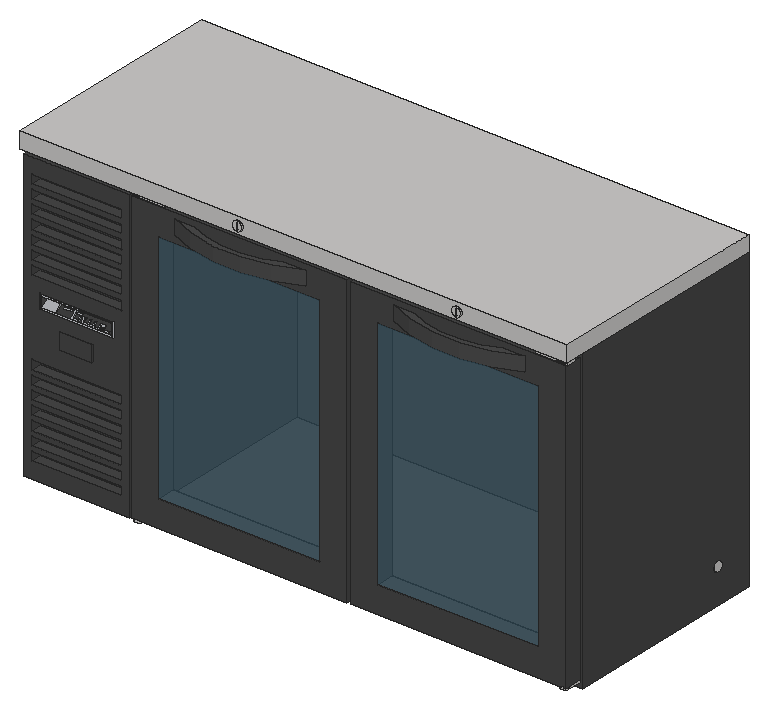
Revit family "QF_TRUE_TBR60-RISZ1-L-B-GG-1", category Specialty Equipment, Revit 2016 (continued)
Definition of nested family "CASTORS & LEGS"
  Definition of nested family "HATCO_4 INCHES_CASTER"
    Forms (in)
      Extrusion 2, solid, visible <- "Show 4 Inches Caster"
        sketch origin (-1.93794, 1.80294, -1.7541) x (0, 1, 0) y (0, 0, 1)
          loop
            line (-0.64294, 5.13542) -> (-0.64294, 5.33423) -> (-3.08794, 5.33423)
        from 1.1267 to 2.74918
      Revolve 3, solid, visible <- "Show 4 Inches Caster"
        sketch origin (0, 2.15543, -2.25) x (0, 1, 0) y (0, 0, 1)
          loop
            line (-2.21793, 6.25) -> (-2.21793, 5.83014) -> (-1.05793, 5.83014) -> (-1.05793, 6.25) -> (-2.21793, 6.25)
          axis (-2.21793, 5.83014) -> (-2.21793, 6.25)
        angle from 0 to 360
      Extrusion 4, solid, visible <- "Show 4 Inches Caster"
        sketch origin (-1.93794, 1.80294, -1.7541) x (0, 1, 0) y (0, 0, 1)
          loop
            line (-3.08794, 5.33423) -> (-3.08794, 5.00584) -> (-2.8913, 5.00584)
            arc (-2.8913, 5.00584) -> (-2.09118, 4.14057) -> (-1.45681, 3.14736) r 6.63355
            arc (-1.45681, 3.14736) -> (-0.85703, 2.75969) -> (-0.4561, 3.35069) r 0.5107
            arc (-0.4561, 3.35069) -> (-0.27092, 3.92503) -> (0.24034, 4.24562) r 0.88136
            line (0.24034, 4.24562) -> (0.34449, 4.39437)
            arc (0.34449, 4.39437) -> (0.12713, 4.6163) -> (-0.1239, 4.79931) r 1.8753
            line (-0.1239, 4.79931) -> (-0.05749, 4.91421)
            arc (-0.05749, 4.91421) -> (-0.33807, 5.05694) -> (-0.64294, 5.13542) r 1.44292
            line (-0.64294, 5.13542) -> (-0.64294, 5.33423) -> (-3.08794, 5.33423)
        from 2.74918 to 2.90825
      Extrusion 5, solid, visible <- "Show 4 Inches Caster"
        sketch origin (1.93794, 1.80294, -1.7541) x (0, 1, 0) y (0, 0, -1)
          loop
            line (-3.08794, -5.33423) -> (-0.64294, -5.33423) -> (-0.64294, -5.13542)
            arc (-0.64294, -5.13542) -> (-0.33807, -5.05694) -> (-0.05749, -4.91421) r 1.44292
            line (-0.05749, -4.91421) -> (-0.1239, -4.79931)
            arc (-0.1239, -4.79931) -> (0.12713, -4.6163) -> (0.34449, -4.39437) r 1.8753
            line (0.34449, -4.39437) -> (0.24034, -4.24562)
            arc (0.24034, -4.24562) -> (-0.27092, -3.92503) -> (-0.4561, -3.35069) r 0.88136
            arc (-0.4561, -3.35069) -> (-0.85703, -2.75969) -> (-1.45681, -3.14736) r 0.5107
            arc (-1.45681, -3.14736) -> (-2.09118, -4.14057) -> (-2.8913, -5.00584) r 6.63355
            line (-2.8913, -5.00584) -> (-3.08794, -5.00584) -> (-3.08794, -5.33423)
        from 2.74918 to 2.90825
    Cuts and joins
      joined: Extrusion 2, Extrusion 4, Extrusion 5
    Lines and regions (in)
      symbolic lines, visible <- "Show 4 Inches Caster"
        curve 1: line (0.28481, 2.83041, 0) -> (1.24556, 2.27572, 0)
        curve 2: line (-1.26206, 0.15114, 0) -> (-0.69281, 1.13711, 0)
        curve 3: line (-0.30132, -0.40355, 0) -> (-1.26206, 0.15114, 0)
        curve 4: line (1.24556, 2.27572, 0) -> (0.69868, 1.3285, 0)
        curve 5: line (-0.2461, 1.91084, 0) -> (0.28481, 2.83041, 0)
        curve 6: line (0.19868, 0.46248, 0) -> (-0.30132, -0.40355, 0)
    Dimensions and locks (in)
      plane 4 "TOP" to level = 4"  (x2)
      aligned and locked: level to plane 1
  Definition of nested family "5 INCHES 01_CASTER"
    Parameters (values of type "5 INCHES 01_CASTER")
      Weight = ""
      URL Manufacturer = ""
      URL Cutsheet = ""
      URL = ""
      Type Mark [instance] = ""
      Specification by User [instance] = ""
      Specification by Manufacturer = ""
      Show 5" Casters [instance] = yes
      Serial Number = ""
      Seismic Rating = ""
      SMACNA No = ""
      Revision Code [instance] = ""
      Omniclass Number and Title = ""
      NAFEM Spec ID Number = ""
      Model = ""
      MasterSpec. = ""
      Manufacturer = ""
      Key Locks [instance] = yes
      Item Number [instance] = ""
      Installed By [instance] = ""
      Identify Quantity as Lot [instance] = yes
      Furnished By [instance] = ""
      Foodservice Equipment Identifier [instance] = yes
      Description = ""
      CSI MasterFormat = ""
      CSI Master Format = ""
      Assembly Code = ""
    Reference planes (in)
      plane 1: z = 0
      plane 2 "RIGHT": x = 0
      plane 3 "FRONT": y = 0
      plane 4 "TOP": z = 5
    Forms (in)
      Revolve 1, solid, visible <- "Show 5" Casters"
        sketch origin (-1.93794, 0.99859, -1.0041) x (1, 0, 0) y (0, 0, 1)
          loop
            line (0.74055, 3.0041) -> (0.74055, 2.9286) -> (0.79055, 2.8786) -> (0.85055, 2.8786) -> (0.85055, 2.75852) -> (1.235, 2.75852) -> (1.235, 2.56618) -> (1.37557, 2.48502) -> (1.49133, 1.76972) -> (1.34375, 1.76972) -> (1.34375, 1.53535) -> (1.375, 1.53535) -> (1.375, 1.0041) -> (2.48438, 1.0041) -> (2.48438, 1.53535) -> (2.51563, 1.53535) -> (2.51563, 1.76972) -> (2.36805, 1.76972) -> (2.48438, 2.48853) -> (2.62438, 2.56936) -> (2.62438, 2.75852) -> (3.04007, 2.75852) -> (3.04007, 2.8786) -> (3.10007, 2.8786) -> (3.15007, 2.9286) -> (3.15007, 3.0041) -> (0.74055, 3.0041)
          axis (0.74055, 3.0041) -> (3.15007, 3.0041)
        angle from 0 to 360
      Extrusion 2, solid, visible <- "Show 5" Casters"
        sketch origin (-1.93794, 1.96337, -0.7541) x (0, 1, 0) y (0, 0, 1)
          loop
            line (-3.37739, 5.33423) -> (-3.37739, 4.92712) -> (-2.49294, 4.92712)
            arc (-2.49294, 4.92712) -> (-1.47209, 4.91752) -> (-0.46376, 4.75787) r 6.92153
            arc (-0.46376, 4.75787) -> (0.14199, 4.53396) -> (0.67481, 4.16904) r 2.62713
            line (0.67481, 4.16904) -> (0.7876, 4.33012)
            arc (0.7876, 4.33012) -> (0.48098, 4.5674) -> (0.13288, 4.73811) r 1.91675
            line (0.13288, 4.73811) -> (0.21197, 4.87494)
            arc (0.21197, 4.87494) -> (-0.1576, 5.02102) -> (-0.54934, 5.08775) r 1.91675
            line (-0.54934, 5.08775) -> (-0.54934, 5.33423) -> (-3.37739, 5.33423)
        from 1.17357 to 2.70231
      Revolve 3, solid, visible <- "Show 5" Casters"
        sketch origin (0, 2.15543, -1.25) x (0, 1, 0) y (0, 0, 1)
          loop
            line (-2.21793, 6.25) -> (-2.21793, 5.83014) -> (-1.05793, 5.83014) -> (-1.05793, 6.25) -> (-2.21793, 6.25)
          axis (-2.21793, 5.83014) -> (-2.21793, 6.25)
        angle from 0 to 360
      Extrusion 4, solid, visible <- "Show 5" Casters"
        sketch origin (-1.98481, 1.96337, -0.7541) x (0, 1, 0) y (0, 0, 1)
          loop
            line (-3.37739, 5.33423) -> (-3.37739, 4.92712) -> (-3.13361, 4.92712)
            arc (-3.13361, 4.92712) -> (-2.12623, 3.92533) -> (-1.55834, 2.62307) r 3.79122
            arc (-1.55834, 2.62307) -> (-0.81477, 2.14247) -> (-0.31772, 2.87515) r 0.63314
            arc (-0.31772, 2.87515) -> (-0.02244, 3.67728) -> (0.68637, 4.15498) r 1.39003
            line (0.68637, 4.15498) -> (0.7876, 4.33012)
            arc (0.7876, 4.33012) -> (0.48098, 4.5674) -> (0.13288, 4.73811) r 1.91675
            line (0.13288, 4.73811) -> (0.21197, 4.87494)
            arc (0.21197, 4.87494) -> (-0.1576, 5.02102) -> (-0.54934, 5.08775) r 1.91675
            line (-0.54934, 5.08775) -> (-0.54934, 5.33423) -> (-3.37739, 5.33423)
        from 2.74918 to 2.90825
      Extrusion 5, solid, visible <- "Show 5" Casters"
        sketch origin (1.98481, 1.96337, -0.7541) x (0, 1, 0) y (0, 0, -1)
          loop
            line (-3.37739, -5.33423) -> (-0.54934, -5.33423) -> (-0.54934, -5.08775)
            arc (-0.54934, -5.08775) -> (-0.1576, -5.02102) -> (0.21197, -4.87494) r 1.91675
            line (0.21197, -4.87494) -> (0.13288, -4.73811)
            arc (0.13288, -4.73811) -> (0.48098, -4.5674) -> (0.7876, -4.33012) r 1.91675
            line (0.7876, -4.33012) -> (0.68637, -4.15498)
            arc (0.68637, -4.15498) -> (-0.02244, -3.67728) -> (-0.31772, -2.87515) r 1.39003
            arc (-0.31772, -2.87515) -> (-0.81477, -2.14247) -> (-1.55834, -2.62307) r 0.63314
            arc (-1.55834, -2.62307) -> (-2.12623, -3.92533) -> (-3.13361, -4.92712) r 3.79122
            line (-3.13361, -4.92712) -> (-3.37739, -4.92712) -> (-3.37739, -5.33423)
        from 2.74918 to 2.90825
    Cuts and joins
      joined: Extrusion 2, Extrusion 4, Extrusion 5
    Lines and regions (in)
      symbolic lines, visible <- "Show 5" Casters"
        curve 1: line (0.54262, 2.21348, 0) -> (1.50337, 1.65879, 0)
        curve 2: line (-1.45738, -1.25062, 0) -> (-0.70738, 0.04842, 0)
        curve 3: line (-0.49663, -1.80531, 0) -> (-1.45738, -1.25062, 0)
        curve 4: line (1.50337, 1.65879, 0) -> (0.75337, 0.35975, 0)
        curve 5: line (-0.20738, 0.91444, 0) -> (0.54262, 2.21348, 0)
        curve 6: line (0.25337, -0.50627, 0) -> (-0.49663, -1.80531, 0)
    Dimensions and locks (in)
      plane 4 "TOP" to level = 5"  (x2)
      aligned and locked: level to plane 1
  Definition of nested family "7-8 INCHES_CASTER"
    Parameters (values of type "7-8 INCHES_CASTER")
      Weight = ""
      URL Manufacturer = ""
      URL Cutsheet = ""
      URL = ""
      Type Mark [instance] = ""
      Specification by User [instance] = ""
      Specification by Manufacturer = ""
      Serial Number = ""
      Seismic Rating = ""
      SMACNA No = ""
      Revision Code [instance] = ""
      Omniclass Number and Title = ""
      NAFEM Spec ID Number = ""
      Model = ""
      MasterSpec. = ""
      Manufacturer = ""
      Item Number [instance] = ""
      Installed By [instance] = ""
      Identify Quantity as Lot [instance] = yes
      Furnished By [instance] = ""
      Foodservice Equipment Identifier [instance] = yes
      Description = ""
      CSI MasterFormat = ""
      CSI Master Format = ""
      Assembly Code = ""
      2.5 Inches Caster [instance] = yes
    Reference planes (in)
      plane 1: z = 0
      plane 2 "RIGHT": x = 0
      plane 3 "FRONT": y = 0
      plane 4 "TOP": z = 2.125
      plane 5: z = 0.875
    Forms (in)
      Revolve 1, solid, visible <- "2.5 Inches Caster"
        sketch origin (-1.93794, 0.16358, -1.0041) x (1, 0, 0) y (0, 0, 1)
          loop
            line (2.21963, 1.0041) -> (2.21963, 1.07441) -> (2.16308, 1.07441) -> (2.17665, 1.15827) -> (2.27369, 1.21429) -> (2.27369, 1.29531) -> (1.60219, 1.29531) -> (1.60219, 1.21429) -> (1.69923, 1.15827) -> (1.7128, 1.07441) -> (1.65625, 1.07441) -> (1.65625, 1.0041) -> (2.21963, 1.0041)
          axis (2.27369, 1.29531) -> (1.60219, 1.29531)
        angle from 0 to 360
      Extrusion 2, solid, visible <- "2.5 Inches Caster"
        sketch origin (-1.93794, 1.43296, -4.66527) x (0, 1, 0) y (0, 0, 1)
          loop
            line (-1.16673, 5.3791) -> (-1.71584, 5.3791) -> (-1.71584, 5.33314) -> (-1.62354, 5.33314)
            arc (-1.62354, 5.33314) -> (-1.55924, 5.29737) -> (-1.50495, 5.24769) r 0.31579
            line (-1.50495, 5.24769) -> (-0.93687, 5.24769)
            arc (-0.93687, 5.24769) -> (-0.98865, 5.28224) -> (-1.04346, 5.31172) r 0.65588
            line (-1.04346, 5.31172) -> (-1.01965, 5.35291)
            arc (-1.01965, 5.35291) -> (-1.09203, 5.3725) -> (-1.16673, 5.3791) r 0.4262
        from 1.60219 to 2.27369
      Revolve 3, solid, visible <- "2.5 Inches Caster"
        sketch origin (0, 1.73858, -5) x (0, 1, 0) y (0, 0, 1)
          loop
            line (-1.73858, 5.71382) -> (-1.35578, 5.71382) -> (-1.35578, 5.875) -> (-1.73858, 5.875) -> (-1.73858, 5.71382)
          axis (-1.73858, 5.71382) -> (-1.73858, 5.875)
        angle from 0 to 360
      Extrusion 4, solid, visible <- "2.5 Inches Caster"
        sketch origin (0.33575, 1.43296, -4.66527) x (0, 1, 0) y (0, 0, 1)
          loop
            line (-1.71584, 5.3791) -> (-1.71584, 5.33314) -> (-1.62354, 5.33314)
            arc (-1.62354, 5.33314) -> (-1.48788, 5.22611) -> (-1.42886, 5.06369) r 0.31579
            arc (-1.42886, 5.06369) -> (-1.418, 4.99525) -> (-1.39559, 4.92968) r 0.40356
            arc (-1.39559, 4.92968) -> (-1.27344, 4.85253) -> (-1.15595, 4.93662) r 0.12941
            arc (-1.15595, 4.93662) -> (-1.1504, 4.95356) -> (-1.14628, 4.97091) r 0.21578
            arc (-1.14628, 4.97091) -> (-1.06824, 5.11243) -> (-0.92225, 5.18175) r 0.26341
            line (-0.92225, 5.18175) -> (-0.8974, 5.21614)
            arc (-0.8974, 5.21614) -> (-0.96724, 5.26881) -> (-1.04346, 5.31172) r 0.65588
            line (-1.04346, 5.31172) -> (-1.01965, 5.35291)
            arc (-1.01965, 5.35291) -> (-1.09203, 5.3725) -> (-1.16673, 5.3791) r 0.4262
            line (-1.16673, 5.3791) -> (-1.71584, 5.3791)
        from 0 to 0.0625
      Extrusion 5, solid, visible <- "2.5 Inches Caster"
        sketch origin (-0.33575, 1.43296, -4.66527) x (0, -1, 0) y (0, 0, 1)
          loop
            line (1.71584, 5.3791) -> (1.16673, 5.3791)
            arc (1.16673, 5.3791) -> (1.09203, 5.3725) -> (1.01965, 5.35291) r 0.4262
            line (1.01965, 5.35291) -> (1.04346, 5.31172)
            arc (1.04346, 5.31172) -> (0.96724, 5.26881) -> (0.8974, 5.21614) r 0.65588
            line (0.8974, 5.21614) -> (0.92225, 5.18175)
            arc (0.92225, 5.18175) -> (1.06824, 5.11243) -> (1.14628, 4.97091) r 0.26341
            arc (1.14628, 4.97091) -> (1.1504, 4.95356) -> (1.15595, 4.93662) r 0.21578
            arc (1.15595, 4.93662) -> (1.27344, 4.85253) -> (1.39559, 4.92968) r 0.12941
            arc (1.39559, 4.92968) -> (1.418, 4.99525) -> (1.42886, 5.06369) r 0.40356
            arc (1.42886, 5.06369) -> (1.48788, 5.22611) -> (1.62354, 5.33314) r 0.31579
            line (1.62354, 5.33314) -> (1.71584, 5.33314) -> (1.71584, 5.3791)
        from 0 to 0.0625
    Lines and regions (in)
      symbolic lines, visible <- "2.5 Inches Caster"
        curve 1: line (0.14193, 0.81567, 0) -> (0.64448, 0.52552, 0)
        curve 2: line (-0.51849, -0.32822, 0) -> (0.14193, 0.81567, 0)
        curve 3: line (-0.01594, -0.61837, 0) -> (-0.51849, -0.32822, 0)
        curve 4: line (0.64448, 0.52552, 0) -> (-0.01594, -0.61837, 0)
    Dimensions and locks (in)
      plane 4 "TOP" to level = 2 1/8"  (x2)
      plane 5 to plane 1 = 7/8"
      aligned and locked: level to plane 1
  Definition of nested family "6 INCHES 02_CASTER"
    Parameters (values of type "6 INCHES 02_CASTER")
      Weight = ""
      URL Manufacturer = ""
      URL Cutsheet = ""
      URL = ""
      Type Mark [instance] = ""
      Specification by User [instance] = ""
      Specification by Manufacturer = ""
      Show Casters [instance] = yes
      Serial Number = ""
      Seismic Rating = ""
      SMACNA No = ""
      Revision Code [instance] = ""
      Omniclass Number and Title = ""
      NAFEM Spec ID Number = ""
      Model = ""
      MasterSpec. = ""
      Manufacturer = ""
      Item Number [instance] = ""
      Installed By [instance] = ""
      Identify Quantity as Lot [instance] = yes
      Furnished By [instance] = ""
      Foodservice Equipment Identifier [instance] = yes
      Description = ""
      CSI MasterFormat = ""
      CSI Master Format = ""
    Reference planes (in)
      plane 1 "BACK": y = 0
      plane 2: z = 0
      plane 3 "LEFT": x = 0
      plane 4 "RIGHT": x = 0
      plane 5 "FRONT": y = 0
      plane 6 "TOP": z = 6.0625
    Forms (in)
      Revolve 1, solid, visible <- "Show Casters"
        sketch origin (-2.21793, 0, -0.25) x (-1, 0, 0) y (0, 0, 1)
          loop
            line (-2.21793, 6) -> (-2.21793, 5.55584) -> (-0.93693, 5.55584) -> (-0.93693, 6) -> (-2.21793, 6)
          axis (-2.21793, 5.55584) -> (-2.21793, 6)
        angle from 0 to 360
      Extrusion 2, solid, visible <- "Show Casters"
        sketch origin (0.25594, 2.08988, -0.1875) x (0, 1, 0) y (0, 0, 1)
          loop
            line (-3.37793, 5.49334) -> (-3.37793, 5.24334) -> (-1.67236, 2.30765)
            arc (-1.67236, 2.30765) -> (-0.65502, 1.97635) -> (-0.25363, 2.96812) r 0.78437
            line (-0.25363, 2.96812) -> (-0.80182, 5.49334) -> (-3.37793, 5.49334)
        from 0.78968 to 0.90247
      Extrusion 3, solid, visible <- "Show Casters"
        sketch origin (0, 0, 5.75) x (0, 1, 0) y (-1, 0, 0)
          loop
            circle (0, 0) r 0.75
        from 0 to 0.3125
      Extrusion 4, solid, visible <- "Show Casters"
        sketch origin (-0.25594, 2.08988, -0.1875) x (0, 1, 0) y (0, 0, -1)
          loop
            line (-3.37793, -5.24334) -> (-3.37793, -5.49334) -> (-0.80182, -5.49334) -> (-0.25363, -2.96812)
            arc (-0.25363, -2.96812) -> (-0.65502, -1.97635) -> (-1.67236, -2.30765) r 0.78437
            line (-1.67236, -2.30765) -> (-3.37793, -5.24334)
        from 0.78968 to 0.90247
      Extrusion 5, solid, visible <- "Show Casters"
        sketch origin (0, -0.12806, 0.75) x (0, 1, 0) y (0, 0, 1)
          loop
            line (-1.16, 4.55584) -> (-1.16, 4.30584) -> (1.41611, 4.30584) -> (1.41611, 4.55584) -> (-1.16, 4.55584)
        from -1.04562 to 1.04562
      Revolve 6, solid, visible <- "Show Casters"
        sketch origin (-1.9375, 1.11772, -0.12802) x (1, 0, 0) y (0, 0, 1)
          loop
            line (0.5843, 2.5666) -> (0.5843, 2.4286) -> (0.6343, 2.3786) -> (0.6943, 2.3786) -> (0.6943, 2.2429) -> (1.1725, 2.2429) -> (1.1725, 1.84743) -> (1.30191, 1.77271) -> (1.42647, 1.00302) -> (1.28125, 1.00302) -> (1.28125, 0.75302) -> (1.3125, 0.75302) -> (1.3125, 0.50302)
            arc (1.3125, 0.50302) -> (1.42233, 0.23785) -> (1.6875, 0.12802) r 0.375
            line (1.6875, 0.12802) -> (2.1875, 0.12802)
            arc (2.1875, 0.12802) -> (2.45267, 0.23785) -> (2.5625, 0.50302) r 0.375
            line (2.5625, 0.50302) -> (2.5625, 0.75302) -> (2.59375, 0.75302) -> (2.59375, 1.00302) -> (2.44853, 1.00302) -> (2.57366, 1.77622) -> (2.7025, 1.85061) -> (2.7025, 2.2429) -> (3.1807, 2.2429) -> (3.1807, 2.3786) -> (3.2407, 2.3786) -> (3.2907, 2.4286) -> (3.2907, 2.5666) -> (0.5843, 2.5666)
          axis (0.5843, 2.5666) -> (3.2907, 2.5666)
        angle from 0 to 360
    Cuts and joins
      joined: Extrusion 2, Extrusion 4, Extrusion 5
    Lines and regions (in)
      symbolic lines, visible <- "Show Casters"
        curve 1: line (0.45873, 2.04243, 0) -> (1.54127, 1.41743, 0)
        curve 2: line (-1.54127, -1.42167, 0) -> (-0.79127, -0.12263, 0)
        curve 3: line (-0.45873, -2.04667, 0) -> (-1.54127, -1.42167, 0)
        curve 4: line (1.54127, 1.41743, 0) -> (0.79127, 0.11839, 0)
        curve 5: line (-0.29127, 0.74339, 0) -> (0.45873, 2.04243, 0)
        curve 6: line (0.29127, -0.74763, 0) -> (-0.45873, -2.04667, 0)
    Dimensions and locks (in)
      plane 6 "TOP" to level = 6 1/16"
      locked: plane 6 "TOP" to level at 6.0625
      aligned and locked: level to plane 2
